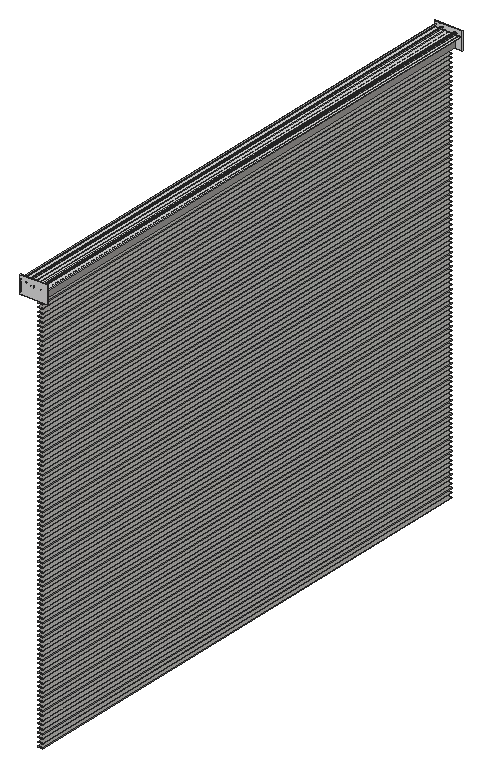
Revit family "BTBC13Lカーテン・ブラインド（別途）", category 一般モデル, Revit 2022
Family settings
  鉄筋をホスト可能 = いいえ
  丸型コネクタ寸法 = 直径を使用
  パーツ タイプ = 標準
  作業面ベース = はい
  常に垂直 = はい
  ロード時にボイドで切り取り = いいえ
  注釈の向きを維持 = いいえ
  共有 = いいえ
  部屋計算ポイント = いいえ
Parameters
  説明 = "㈱ツヅキ ボックストップ"
  製造元 = "㈱ツヅキ"
  色 = アルミニウム 6063S-T5 シルバー(R) (株)ツヅキ BT
  Default Elevation = 1219.2 mm
  ベネシャンブラインド表示/非表示 = yes
  ベネシャンブラインドスラット角度 = 0.00°
  バーチカルブラインド表示/非表示 = no
  カーテン開口率 = 50
  カーテン表示/非表示 = no
  カーテン・ブラインド長さ = L寸法 - 30 mm  # 2470 mm
  ブラインド スラット角度 = 15.00°
  カーテン・ブラインド高さ = 2000 mm
  カーテン・ブラインド 色 = ファブリック
  URL = "https://tuzuki.co.jp/cad/boxtop-cad/"
  L寸法 = 2500 mm
Reference planes
  plane 1 "中心(正面/背面)": y = 0
  plane 2: z = 0
  plane 3 "中心(左/右)": x = 0
  plane 4: y = -2500
  plane 5: x = -60
  plane 6: x = 60
  plane 7: y = -2502
  plane 8: y = 2
  plane 9: y = -2450
  plane 10 "カーテン取付レベル": z = 46.784
  plane 11: z = -1953.216
  plane 12: y = -2485
Forms (mm)
  Extrusion 1, solid, material "アルミニウム 6063S-T5 シルバー(R) (株)ツヅキ BT" <- "色"
    sketch origin (0, 0, 0) x (1, 0, 0) y (0, 0, 1)
      loop
        line (-82, 0) -> (50, 0) -> (50, 84.8) -> (-82, 84.8) -> (-82, 0)
    from 0 to -2
  Extrusion 2, solid, material "アルミニウム 6063S-T5 シルバー(R) (株)ツヅキ BT" <- "色"
    sketch origin (0, -1013.199, 0) x (1, 0, 0) y (0, 0, 1)
      loop
        line (-82, 0) -> (50, 0) -> (50, 84.8) -> (-82, 84.8) -> (-82, 0)
    from 1488.801 to 1486.801
  Extrusion 3, solid, material "アルミニウム 6063S-T5 シルバー(R) (株)ツヅキ BT" <- "色"
    sketch origin (0, 0, 0) x (1, 0, 0) y (0, 0, 1)
      loop
        line (48, 60) -> (48, 61.5) -> (21.803, 61.5)
        arc (21.803, 61.5) -> (21.341, 61.809) -> (21.45, 62.354) r 0.5
        line (21.45, 62.354) -> (22.743, 63.646)
        arc (22.743, 63.646) -> (22.889, 64) -> (22.743, 64.354) r 0.5
        line (22.743, 64.354) -> (20.873, 66.223)
        arc (20.873, 66.223) -> (19.813, 66.223) -> (19.813, 65.162) r 0.75
        line (19.813, 65.162) -> (20.975, 64) -> (18.5, 61.525) -> (16.025, 64) -> (17.021, 64.995)
        arc (17.021, 64.995) -> (17.096, 66.407) -> (15.7, 66.631) r 1.057
        line (15.7, 66.631) -> (15.7, 70) -> (9.7, 70) -> (9.7, 68.5) -> (14.2, 68.5) -> (14.2, 63.704) -> (15.55, 62.354)
        arc (15.55, 62.354) -> (15.659, 61.809) -> (15.197, 61.5) r 0.5
        line (15.197, 61.5) -> (-49.197, 61.5)
        arc (-49.197, 61.5) -> (-49.659, 61.809) -> (-49.55, 62.354) r 0.5
        line (-49.55, 62.354) -> (-48.2, 63.704) -> (-48.2, 68.5) -> (-43.7, 68.5) -> (-43.7, 70) -> (-49.7, 70) -> (-49.7, 66.631)
        arc (-49.7, 66.631) -> (-51.096, 66.407) -> (-51.021, 64.995) r 1.057
        line (-51.021, 64.995) -> (-50.025, 64) -> (-52.5, 61.525) -> (-54.975, 64) -> (-53.813, 65.162)
        arc (-53.813, 65.162) -> (-53.813, 66.223) -> (-54.873, 66.223) r 0.75
        line (-54.873, 66.223) -> (-56.743, 64.354)
        arc (-56.743, 64.354) -> (-56.889, 64) -> (-56.743, 63.646) r 0.5
        line (-56.743, 63.646) -> (-55.45, 62.354)
        arc (-55.45, 62.354) -> (-55.341, 61.809) -> (-55.803, 61.5) r 0.5
        line (-55.803, 61.5) -> (-80.5, 61.5) -> (-80.5, 68.5) -> (-79, 68.5) -> (-79, 70) -> (-82, 70) -> (-82, 0.5)
        arc (-82, 0.5) -> (-81.854, 0.146) -> (-81.5, 0) r 0.5
        line (-81.5, 0) -> (-75.5, 0)
        arc (-75.5, 0) -> (-75.146, 0.146) -> (-75, 0.5) r 0.5
        line (-75, 0.5) -> (-75, 6.5) -> (-76.268, 7) -> (-77.125, 5.516)
        arc (-77.125, 5.516) -> (-78, 2.25) -> (-78.875, 5.516) r 1.75
        line (-78.875, 5.516) -> (-80.5, 8.33) -> (-80.5, 60) -> (-34.5, 60) -> (-34.5, 50) -> (-28.5, 50) -> (-28.5, 51.3) -> (-33, 51.3) -> (-33, 60) -> (-17, 60) -> (-17, 51.3) -> (-21.5, 51.3) -> (-21.5, 50) -> (-8.5, 50) -> (-8.5, 51.3) -> (-15.5, 51.3) -> (-15.5, 60) -> (15.5, 60) -> (15.5, 51.3) -> (8.5, 51.3) -> (8.5, 50) -> (21.5, 50) -> (21.5, 51.3) -> (17, 51.3) -> (17, 60) -> (33, 60) -> (33, 51.3) -> (28.5, 51.3) -> (28.5, 50) -> (34.5, 50) -> (34.5, 60) -> (48, 60)
    from 0 to 2500
Dimensions and locks
  equal spacing: plane 6, plane 3 "中心(左/右)", plane 5
  plane 6 to plane 5 = 120 mm
  "L寸法": plane 4 to plane 1 "中心(正面/背面)"  (x2)
  locked: plane 4 to plane 7 at 2
  locked: plane 1 "中心(正面/背面)" to plane 8 at 2
  locked: plane 4 to plane 9 at 50
  "カーテン・ブラインド高さ": plane 10 "カーテン取付レベル" to plane 11
  locked: plane 4 to plane 12 at 15
  aligned and locked: level to plane 2
  aligned and locked: Extrusion 2 to plane 4
  aligned and locked: plane 1 "中心(正面/背面)" to Extrusion 1
  aligned and locked: plane 8 to Extrusion 1
  aligned and locked: plane 7 to Extrusion 2
  aligned and locked: nested 1 to plane 3 "中心(左/右)"
  aligned and locked: plane 10 "カーテン取付レベル" to nested 1
  aligned and locked: nested 1 to plane 9
  aligned and locked: plane 12 to nested 2
  aligned and locked: plane 10 "カーテン取付レベル" to nested 2
  aligned and locked: plane 11 to nested 2
  aligned and locked: nested 2 to plane 3 "中心(左/右)"
  aligned and locked: plane 10 "カーテン取付レベル" to nested 3
  aligned and locked: nested 3 to plane 12
  aligned and locked: Extrusion 3 to plane 1 "中心(正面/背面)"
  aligned and locked: plane 4 to Extrusion 3
Automatic sketch dimensions
  Extrusion 1 sketch curve to level = 0 mm
  Extrusion 1 sketch curve to plane 5 = 22 mm
  Extrusion 1 sketch curve to plane 6 = 10 mm
  level to Extrusion 1 sketch curve = 84.8 mm
  Extrusion 2 sketch curve to level = 0 mm
  Extrusion 2 sketch curve to plane 5 = 22 mm
  Extrusion 2 sketch curve to plane 6 = 10 mm
  level to Extrusion 2 sketch curve = 84.8 mm
  Extrusion 3 sketch curve to level = 0 mm
  Extrusion 3 sketch curve to plane 5 = 22 mm
  level to Extrusion 3 sketch curve = 0.5 mm  (x2)
  level to Extrusion 3 sketch curve = 8.33 mm
  Extrusion 3 sketch curve to Extrusion 3 sketch curve = 1 mm
  Extrusion 3 sketch curve to Extrusion 3 sketch curve = 0 mm  (x8)
  Extrusion 3 sketch curve to Extrusion 3 sketch curve = 1.5 mm  (x12)
  level to Extrusion 3 sketch curve = 5.516 mm  (x2)
  Extrusion 3 sketch curve to Extrusion 3 sketch curve = 1.625 mm
  Extrusion 3 sketch curve to Extrusion 3 sketch curve = 0.875 mm
  level to Extrusion 3 sketch curve = 7 mm
  Extrusion 3 sketch curve to Extrusion 3 sketch curve = 0.857 mm
  Extrusion 3 sketch curve to Extrusion 3 sketch curve = 2.5 mm
  plane 5 to Extrusion 3 sketch curve = 3.257 mm
  Extrusion 3 sketch curve to Extrusion 3 sketch curve = 0.354 mm  (x9)
  Extrusion 3 sketch curve to Extrusion 3 sketch curve = 0.939 mm
  Extrusion 3 sketch curve to Extrusion 3 sketch curve = 1.414 mm  (x2)
  Extrusion 3 sketch curve to Extrusion 3 sketch curve = 0.101 mm
  Extrusion 3 sketch curve to Extrusion 3 sketch curve = 0.53 mm  (x6)
  Extrusion 3 sketch curve to Extrusion 3 sketch curve = 2.95 mm
  Extrusion 3 sketch curve to Extrusion 3 sketch curve = 2.792 mm  (x2)
  Extrusion 3 sketch curve to Extrusion 3 sketch curve = 0.747 mm  (x4)
  Extrusion 3 sketch curve to Extrusion 3 sketch curve = 0.995 mm
  Extrusion 3 sketch curve to Extrusion 3 sketch curve = 0.573 mm  (x2)
  Extrusion 3 sketch curve to Extrusion 3 sketch curve = 0.475 mm  (x3)
  Extrusion 3 sketch curve to Extrusion 3 sketch curve = 4.5 mm  (x6)
  plane 10 "カーテン取付レベル" to Extrusion 3 sketch curve = 3.216 mm  (x4)
  Extrusion 3 sketch curve to Extrusion 3 sketch curve = 14.697 mm
  Extrusion 3 sketch curve to Extrusion 3 sketch curve = 7 mm  (x5)
  plane 3 "中心(左/右)" to Extrusion 3 sketch curve = 8.5 mm
  plane 3 "中心(左/右)" to Extrusion 3 sketch curve = 9.7 mm
  Extrusion 3 sketch curve to Extrusion 3 sketch curve = 0.997 mm
  Extrusion 3 sketch curve to Extrusion 3 sketch curve = 1.162 mm
  plane 10 "カーテン取付レベル" to Extrusion 3 sketch curve = 16.863 mm
  Extrusion 3 sketch curve to plane 6 = 12 mm
  Extrusion 3 sketch curve to Extrusion 3 sketch curve = 1.516 mm
  Extrusion 3 sketch curve to Extrusion 3 sketch curve = 0.5 mm  (x5)
  Extrusion 3 sketch curve to Extrusion 3 sketch curve = 1.3 mm  (x4)
  plane 10 "カーテン取付レベル" to Extrusion 3 sketch curve = 13.216 mm
  Extrusion 3 sketch curve to Extrusion 3 sketch curve = 3.646 mm
  plane 10 "カーテン取付レベル" to Extrusion 3 sketch curve = 14.716 mm
  Extrusion 3 sketch curve to Extrusion 3 sketch curve = 0.025 mm
  Extrusion 3 sketch curve to Extrusion 3 sketch curve = 1.525 mm
  Extrusion 3 sketch curve to Extrusion 3 sketch curve = 1.293 mm
  Extrusion 3 sketch curve to Extrusion 3 sketch curve = 1.35 mm  (x2)
  Extrusion 3 sketch curve to Extrusion 3 sketch curve = 1.646 mm  (x2)
  Extrusion 3 sketch curve to Extrusion 3 sketch curve = 1.869 mm
  Extrusion 3 sketch curve to Extrusion 3 sketch curve = 4.796 mm
Nested families
  nested 1: "バーチカルブラインド（別途）" at (0, -2450, 46.784) x (-1, 0, 0) z (0, 0, -1), type "バーチカルブラインド（別途）"
    with 表示・非表示 no, ブラインド長さ 2470 mm, スラット枚数 25
  nested 2: "カーテン（別途）" at (0, -2485, 46.784) x (0, 1, 0) z (0, 0, 1), type "カーテン（別途）"
    with 開口率 調整 50, 開口率 50, 長さ 2470 mm, カーテン表示 no, カーテン畳み代 1235 mm, カーテン幅 100 mm
  nested 3: "ベネシャンブラインド（別途）" at (0, -15, 46.784) x (-1, 0, 0) z (0, 0, 1), visible <- "ベネシャンブラインド表示/非表示", type "ベネシャンブラインド（別途）"
    with ブラインド長さ 2470 mm, スラット角度 0.00°
Definition of nested family "ベネシャンブラインド（別途）"
  Parameters (values of type "ベネシャンブラインド（別途）")
    スラットピッチ = 20 mm
    表示非表示 = yes
    ブラインド高さ = 2000 mm
    ブラインド長さ = 1200 mm
    スラット角度 = 60.00°
    Default Elevation = 0 mm
    スラット色 = none
    スラット枚数 = (ブラインド高さ - 50 mm) / スラットピッチ  # 98
  Reference planes
    plane 1 "中心(正面/背面)": y = 0
    plane 2: z = 0
    plane 3 "中心(左/右)": x = 0
    plane 4: y = 1200
    plane 5: z = -44.577
    plane 6: z = -64.577
    plane 7: z = -84.577
    plane 8: z = -104.577
    plane 9: z = -124.577
    plane 10: z = -144.577
    plane 11: z = -164.577
    plane 12: z = -184.577
    plane 13: z = -204.577
    plane 14: z = -224.577
    plane 15: z = -244.577
    plane 16: z = -264.577
    plane 17: z = -284.577
    plane 18: z = -304.577
    plane 19: z = -324.577
    plane 20: z = -344.577
    plane 21: z = -364.577
    plane 22: z = -384.577
    plane 23: z = -404.577
    plane 24: z = -424.577
    plane 25: z = -444.577
    plane 26: z = -464.577
    plane 27: z = -484.577
    plane 28: z = -504.577
    plane 29: z = -524.577
    plane 30: z = -544.577
    plane 31: z = -564.577
    plane 32: z = -584.577
    plane 33: z = -604.577
    plane 34: z = -624.577
    plane 35: z = -644.577
    plane 36: z = -664.577
    plane 37: z = -684.577
    plane 38: z = -704.577
    plane 39: z = -724.577
    plane 40: z = -744.577
    plane 41: z = -764.577
    plane 42: z = -784.577
    plane 43: z = -804.577
    plane 44: z = -824.577
    plane 45: z = -844.577
    plane 46: z = -864.577
    plane 47: z = -884.577
    plane 48: z = -904.577
    plane 49: z = -924.577
    plane 50: z = -944.577
    plane 51: z = -964.577
    plane 52: z = -984.577
    plane 53: z = -1004.577
    plane 54: z = -1024.577
    plane 55: z = -1044.577
    plane 56: z = -1064.577
    plane 57: z = -1084.577
    plane 58: z = -1104.577
    plane 59: z = -1124.577
    plane 60: z = -1144.577
    plane 61: z = -1164.577
    plane 62: z = -1184.577
    plane 63: z = -1204.577
    plane 64: z = -1224.577
    plane 65: z = -1244.577
    plane 66: z = -1264.577
    plane 67: z = -1284.577
    plane 68: z = -1304.577
    plane 69: z = -1324.577
    plane 70: z = -1344.577
    plane 71: z = -1364.577
    plane 72: z = -1384.577
    plane 73: z = -1404.577
    plane 74: z = -1424.577
    plane 75: z = -1444.577
    plane 76: z = -1464.577
    plane 77: z = -1484.577
    plane 78: z = -1504.577
    plane 79: z = -1524.577
    plane 80: z = -1544.577
    plane 81: z = -1564.577
    plane 82: z = -1584.577
    plane 83: z = -1604.577
    plane 84: z = -1624.577
    plane 85: z = -1644.577
    plane 86: z = -1664.577
    plane 87: z = -1684.577
    plane 88: z = -1704.577
    plane 89: z = -1724.577
    plane 90: z = -1744.577
    plane 91: z = -1764.577
    plane 92: z = -1784.577
    plane 93: z = -1804.577
    plane 94: z = -1824.577
    plane 95: z = -1844.577
    plane 96: z = -1864.577
    plane 97: z = -1884.577
    plane 98: z = -1904.577
    plane 99: z = -1924.577
    plane 100: z = -1944.577
    plane 101: z = -1964.577
    plane 102: z = -1984.577
  Forms (mm)
    Extrusion 1, solid, material <- "スラット色", visible <- "表示非表示"
      sketch origin (0, 0, 0) x (1, 0, 0) y (0, 0, 1)
        loop
          line (-27, 0) -> (-27, -37) -> (27, -37) -> (27, 0) -> (-27, 0)
      from -1200 to 0
  Dimensions and locks
    equal spacing: group 1, group 2, group 3, group 4, group 5, group 6, group 7, group 8, group 9, group 10, group 11, group 12, group 13, group 14, group 15, group 16, group 17, group 18, group 19, group 20, group 21, group 22, group 23, group 24, group 25, group 26, group 27, group 28, group 29, group 30, group 31, group 32, group 33, group 34, group 35, group 36, group 37, group 38, group 39, group 40, group 41, group 42, group 43, group 44, group 45, group 46, group 47, group 48, group 49, group 50, group 51, group 52, group 53, group 54, group 55, group 56, group 57, group 58, group 59, group 60, group 61, group 62, group 63, group 64, group 65, group 66, group 67, group 68, group 69, group 70, group 71, group 72, group 73, group 74, group 75, group 76, group 77, group 78, group 79, group 80, group 81, group 82, group 83, group 84, group 85, group 86, group 87, group 88, group 89, group 90, group 91, group 92, group 93, group 94, group 95, group 96, group 97, group 98  (x2)
    equal spacing: group 98, group 97, group 96, group 95, group 94, group 93, group 92, group 91, group 90, group 89, group 88, group 87, group 86, group 85, group 84, group 83, group 82, group 81, group 80, group 79, group 78, group 77, group 76, group 75, group 74, group 73, group 72, group 71, group 70, group 69, group 68, group 67, group 66, group 65, group 64, group 63, group 62, group 61, group 60, group 59, group 58, group 57, group 56, group 55, group 54, group 53, group 52, group 51, group 50, group 49, group 48, group 47, group 46, group 45, group 44, group 43, group 42, group 41, group 40, group 39, group 38, group 37, group 36, group 35, group 34, group 33, group 32, group 31, group 30, group 29, group 28, group 27, group 26, group 25, group 24, group 23, group 22, group 21, group 20, group 19, group 18, group 17, group 16, group 15, group 14, group 13, group 12, group 11, group 10, group 9, group 8, group 7, group 6, group 5, group 4, group 3, group 2, group 1
    "ブラインド長さ": plane 1 "中心(正面/背面)" to plane 4
    "スラットピッチ": plane 5 to plane 6
    aligned and locked: level to plane 2
    aligned and locked: nested 1 to plane 4
    aligned and locked: nested 1 to Extrusion 1
    aligned and locked: plane 1 "中心(正面/背面)" to Extrusion 1
    aligned and locked: Extrusion 1 to plane 1 "中心(正面/背面)"
    aligned and locked: Extrusion 1 to plane 4
    aligned and locked: nested 1 to plane 5
    aligned and locked: nested 2 to plane 6
    aligned and locked: nested 3 to plane 7
    aligned and locked: nested 4 to plane 8
    aligned and locked: nested 5 to plane 9
    aligned and locked: nested 6 to plane 10
    aligned and locked: nested 7 to plane 11
    aligned and locked: nested 8 to plane 12
    aligned and locked: nested 9 to plane 13
    aligned and locked: nested 10 to plane 14
    aligned and locked: nested 11 to plane 15
    aligned and locked: nested 12 to plane 16
    aligned and locked: nested 13 to plane 17
    aligned and locked: nested 14 to plane 18
    aligned and locked: nested 15 to plane 19
    aligned and locked: nested 16 to plane 20
    aligned and locked: nested 17 to plane 21
    aligned and locked: nested 18 to plane 22
    aligned and locked: nested 19 to plane 23
    aligned and locked: nested 20 to plane 24
    aligned and locked: nested 21 to plane 25
    aligned and locked: nested 22 to plane 26
    aligned and locked: nested 23 to plane 27
    aligned and locked: nested 24 to plane 28
    aligned and locked: nested 25 to plane 29
    aligned and locked: nested 26 to plane 30
    aligned and locked: nested 27 to plane 31
    aligned and locked: nested 28 to plane 32
    aligned and locked: nested 29 to plane 33
    aligned and locked: nested 30 to plane 34
    aligned and locked: nested 31 to plane 35
    aligned and locked: nested 32 to plane 36
    aligned and locked: nested 33 to plane 37
    aligned and locked: nested 34 to plane 38
    aligned and locked: nested 35 to plane 39
    aligned and locked: nested 36 to plane 40
    aligned and locked: nested 37 to plane 41
    aligned and locked: nested 38 to plane 42
    aligned and locked: nested 39 to plane 43
    aligned and locked: nested 40 to plane 44
    aligned and locked: nested 41 to plane 45
    aligned and locked: nested 42 to plane 46
    aligned and locked: nested 43 to plane 47
    aligned and locked: nested 44 to plane 48
    aligned and locked: nested 45 to plane 49
    aligned and locked: nested 46 to plane 50
    aligned and locked: nested 47 to plane 51
    aligned and locked: nested 48 to plane 52
    aligned and locked: nested 49 to plane 53
    aligned and locked: nested 50 to plane 54
    aligned and locked: nested 51 to plane 55
    aligned and locked: nested 52 to plane 56
    aligned and locked: nested 53 to plane 57
    aligned and locked: nested 54 to plane 58
    aligned and locked: nested 55 to plane 59
    aligned and locked: nested 56 to plane 60
    aligned and locked: nested 57 to plane 61
    aligned and locked: nested 58 to plane 62
    aligned and locked: nested 59 to plane 63
    aligned and locked: nested 60 to plane 64
    aligned and locked: nested 61 to plane 65
    aligned and locked: nested 62 to plane 66
    aligned and locked: nested 63 to plane 67
    aligned and locked: nested 64 to plane 68
    aligned and locked: nested 65 to plane 69
    aligned and locked: nested 66 to plane 70
    aligned and locked: nested 67 to plane 71
    aligned and locked: nested 68 to plane 72
    aligned and locked: nested 69 to plane 73
    aligned and locked: nested 70 to plane 74
    aligned and locked: nested 71 to plane 75
    aligned and locked: nested 72 to plane 76
    aligned and locked: nested 73 to plane 77
    aligned and locked: nested 74 to plane 78
    aligned and locked: nested 75 to plane 79
    aligned and locked: nested 76 to plane 80
    aligned and locked: nested 77 to plane 81
    aligned and locked: nested 78 to plane 82
    aligned and locked: nested 79 to plane 83
    aligned and locked: nested 80 to plane 84
    aligned and locked: nested 81 to plane 85
    aligned and locked: nested 82 to plane 86
    aligned and locked: nested 83 to plane 87
    aligned and locked: nested 84 to plane 88
    aligned and locked: nested 85 to plane 89
    aligned and locked: nested 86 to plane 90
    aligned and locked: nested 87 to plane 91
    aligned and locked: nested 88 to plane 92
    aligned and locked: nested 89 to plane 93
    aligned and locked: nested 90 to plane 94
    aligned and locked: nested 91 to plane 95
    aligned and locked: nested 92 to plane 96
    aligned and locked: nested 93 to plane 97
    aligned and locked: nested 94 to plane 98
    aligned and locked: nested 95 to plane 99
    aligned and locked: nested 96 to plane 100
    aligned and locked: nested 97 to plane 101
    aligned and locked: nested 98 to plane 102
  Automatic sketch dimensions
    Extrusion 1 sketch curve to level = 0 mm
    Extrusion 1 sketch curve to plane 3 "中心(左/右)" = 27 mm
    plane 3 "中心(左/右)" to Extrusion 1 sketch curve = 27 mm
    Extrusion 1 sketch curve to level = 37 mm
  Nested families
    nested 1: "スラットB" at (0, 0, -55.414), visible <- "表示非表示", type "スラットB"
      with 角度 60.00°, スラット長さ 1200 mm
    nested 2: "スラットB" at (0, 0, -75.414), visible <- "表示非表示", type "スラットB"
      with 角度 60.00°, スラット長さ 1200 mm
    nested 3: "スラットB" at (0, 0, -95.414), visible <- "表示非表示", type "スラットB"
      with 角度 60.00°, スラット長さ 1200 mm
    nested 4: "スラットB" at (0, 0, -115.414), visible <- "表示非表示", type "スラットB"
      with 角度 60.00°, スラット長さ 1200 mm
    nested 5: "スラットB" at (0, 0, -135.414), visible <- "表示非表示", type "スラットB"
      with 角度 60.00°, スラット長さ 1200 mm
    nested 6: "スラットB" at (0, 0, -155.414), visible <- "表示非表示", type "スラットB"
      with 角度 60.00°, スラット長さ 1200 mm
    nested 7: "スラットB" at (0, 0, -175.414), visible <- "表示非表示", type "スラットB"
      with 角度 60.00°, スラット長さ 1200 mm
    nested 8: "スラットB" at (0, 0, -195.414), visible <- "表示非表示", type "スラットB"
      with 角度 60.00°, スラット長さ 1200 mm
    nested 9: "スラットB" at (0, 0, -215.414), visible <- "表示非表示", type "スラットB"
      with 角度 60.00°, スラット長さ 1200 mm
    nested 10: "スラットB" at (0, 0, -235.414), visible <- "表示非表示", type "スラットB"
      with 角度 60.00°, スラット長さ 1200 mm
    nested 11: "スラットB" at (0, 0, -255.414), visible <- "表示非表示", type "スラットB"
      with 角度 60.00°, スラット長さ 1200 mm
    nested 12: "スラットB" at (0, 0, -275.414), visible <- "表示非表示", type "スラットB"
      with 角度 60.00°, スラット長さ 1200 mm
    nested 13: "スラットB" at (0, 0, -295.414), visible <- "表示非表示", type "スラットB"
      with 角度 60.00°, スラット長さ 1200 mm
    nested 14: "スラットB" at (0, 0, -315.414), visible <- "表示非表示", type "スラットB"
      with 角度 60.00°, スラット長さ 1200 mm
    nested 15: "スラットB" at (0, 0, -335.414), visible <- "表示非表示", type "スラットB"
      with 角度 60.00°, スラット長さ 1200 mm
    nested 16: "スラットB" at (0, 0, -355.414), visible <- "表示非表示", type "スラットB"
      with 角度 60.00°, スラット長さ 1200 mm
    nested 17: "スラットB" at (0, 0, -375.414), visible <- "表示非表示", type "スラットB"
      with 角度 60.00°, スラット長さ 1200 mm
    nested 18: "スラットB" at (0, 0, -395.414), visible <- "表示非表示", type "スラットB"
      with 角度 60.00°, スラット長さ 1200 mm
    nested 19: "スラットB" at (0, 0, -415.414), visible <- "表示非表示", type "スラットB"
      with 角度 60.00°, スラット長さ 1200 mm
    nested 20: "スラットB" at (0, 0, -435.414), visible <- "表示非表示", type "スラットB"
      with 角度 60.00°, スラット長さ 1200 mm
    nested 21: "スラットB" at (0, 0, -455.414), visible <- "表示非表示", type "スラットB"
      with 角度 60.00°, スラット長さ 1200 mm
    nested 22: "スラットB" at (0, 0, -475.414), visible <- "表示非表示", type "スラットB"
      with 角度 60.00°, スラット長さ 1200 mm
    nested 23: "スラットB" at (0, 0, -495.414), visible <- "表示非表示", type "スラットB"
      with 角度 60.00°, スラット長さ 1200 mm
    nested 24: "スラットB" at (0, 0, -515.414), visible <- "表示非表示", type "スラットB"
      with 角度 60.00°, スラット長さ 1200 mm
    nested 25: "スラットB" at (0, 0, -535.414), visible <- "表示非表示", type "スラットB"
      with 角度 60.00°, スラット長さ 1200 mm
    nested 26: "スラットB" at (0, 0, -555.414), visible <- "表示非表示", type "スラットB"
      with 角度 60.00°, スラット長さ 1200 mm
    nested 27: "スラットB" at (0, 0, -575.414), visible <- "表示非表示", type "スラットB"
      with 角度 60.00°, スラット長さ 1200 mm
    nested 28: "スラットB" at (0, 0, -595.414), visible <- "表示非表示", type "スラットB"
      with 角度 60.00°, スラット長さ 1200 mm
    nested 29: "スラットB" at (0, 0, -615.414), visible <- "表示非表示", type "スラットB"
      with 角度 60.00°, スラット長さ 1200 mm
    nested 30: "スラットB" at (0, 0, -635.414), visible <- "表示非表示", type "スラットB"
      with 角度 60.00°, スラット長さ 1200 mm
    nested 31: "スラットB" at (0, 0, -655.414), visible <- "表示非表示", type "スラットB"
      with 角度 60.00°, スラット長さ 1200 mm
    nested 32: "スラットB" at (0, 0, -675.414), visible <- "表示非表示", type "スラットB"
      with 角度 60.00°, スラット長さ 1200 mm
    nested 33: "スラットB" at (0, 0, -695.414), visible <- "表示非表示", type "スラットB"
      with 角度 60.00°, スラット長さ 1200 mm
    nested 34: "スラットB" at (0, 0, -715.414), visible <- "表示非表示", type "スラットB"
      with 角度 60.00°, スラット長さ 1200 mm
    nested 35: "スラットB" at (0, 0, -735.414), visible <- "表示非表示", type "スラットB"
      with 角度 60.00°, スラット長さ 1200 mm
    nested 36: "スラットB" at (0, 0, -755.414), visible <- "表示非表示", type "スラットB"
      with 角度 60.00°, スラット長さ 1200 mm
    nested 37: "スラットB" at (0, 0, -775.414), visible <- "表示非表示", type "スラットB"
      with 角度 60.00°, スラット長さ 1200 mm
    nested 38: "スラットB" at (0, 0, -795.414), visible <- "表示非表示", type "スラットB"
      with 角度 60.00°, スラット長さ 1200 mm
    nested 39: "スラットB" at (0, 0, -815.414), visible <- "表示非表示", type "スラットB"
      with 角度 60.00°, スラット長さ 1200 mm
    nested 40: "スラットB" at (0, 0, -835.414), visible <- "表示非表示", type "スラットB"
      with 角度 60.00°, スラット長さ 1200 mm
    nested 41: "スラットB" at (0, 0, -855.414), visible <- "表示非表示", type "スラットB"
      with 角度 60.00°, スラット長さ 1200 mm
    nested 42: "スラットB" at (0, 0, -875.414), visible <- "表示非表示", type "スラットB"
      with 角度 60.00°, スラット長さ 1200 mm
    nested 43: "スラットB" at (0, 0, -895.414), visible <- "表示非表示", type "スラットB"
      with 角度 60.00°, スラット長さ 1200 mm
    nested 44: "スラットB" at (0, 0, -915.414), visible <- "表示非表示", type "スラットB"
      with 角度 60.00°, スラット長さ 1200 mm
    nested 45: "スラットB" at (0, 0, -935.414), visible <- "表示非表示", type "スラットB"
      with 角度 60.00°, スラット長さ 1200 mm
    nested 46: "スラットB" at (0, 0, -955.414), visible <- "表示非表示", type "スラットB"
      with 角度 60.00°, スラット長さ 1200 mm
    nested 47: "スラットB" at (0, 0, -975.414), visible <- "表示非表示", type "スラットB"
      with 角度 60.00°, スラット長さ 1200 mm
    nested 48: "スラットB" at (0, 0, -995.414), visible <- "表示非表示", type "スラットB"
      with 角度 60.00°, スラット長さ 1200 mm
    nested 49: "スラットB" at (0, 0, -1015.414), visible <- "表示非表示", type "スラットB"
      with 角度 60.00°, スラット長さ 1200 mm
    nested 50: "スラットB" at (0, 0, -1035.414), visible <- "表示非表示", type "スラットB"
      with 角度 60.00°, スラット長さ 1200 mm
    nested 51: "スラットB" at (0, 0, -1055.414), visible <- "表示非表示", type "スラットB"
      with 角度 60.00°, スラット長さ 1200 mm
    nested 52: "スラットB" at (0, 0, -1075.414), visible <- "表示非表示", type "スラットB"
      with 角度 60.00°, スラット長さ 1200 mm
    nested 53: "スラットB" at (0, 0, -1095.414), visible <- "表示非表示", type "スラットB"
      with 角度 60.00°, スラット長さ 1200 mm
    nested 54: "スラットB" at (0, 0, -1115.414), visible <- "表示非表示", type "スラットB"
      with 角度 60.00°, スラット長さ 1200 mm
    nested 55: "スラットB" at (0, 0, -1135.414), visible <- "表示非表示", type "スラットB"
      with 角度 60.00°, スラット長さ 1200 mm
    nested 56: "スラットB" at (0, 0, -1155.414), visible <- "表示非表示", type "スラットB"
      with 角度 60.00°, スラット長さ 1200 mm
    nested 57: "スラットB" at (0, 0, -1175.414), visible <- "表示非表示", type "スラットB"
      with 角度 60.00°, スラット長さ 1200 mm
    nested 58: "スラットB" at (0, 0, -1195.414), visible <- "表示非表示", type "スラットB"
      with 角度 60.00°, スラット長さ 1200 mm
    nested 59: "スラットB" at (0, 0, -1215.414), visible <- "表示非表示", type "スラットB"
      with 角度 60.00°, スラット長さ 1200 mm
    nested 60: "スラットB" at (0, 0, -1235.414), visible <- "表示非表示", type "スラットB"
      with 角度 60.00°, スラット長さ 1200 mm
    nested 61: "スラットB" at (0, 0, -1255.414), visible <- "表示非表示", type "スラットB"
      with 角度 60.00°, スラット長さ 1200 mm
    nested 62: "スラットB" at (0, 0, -1275.414), visible <- "表示非表示", type "スラットB"
      with 角度 60.00°, スラット長さ 1200 mm
    nested 63: "スラットB" at (0, 0, -1295.414), visible <- "表示非表示", type "スラットB"
      with 角度 60.00°, スラット長さ 1200 mm
    nested 64: "スラットB" at (0, 0, -1315.414), visible <- "表示非表示", type "スラットB"
      with 角度 60.00°, スラット長さ 1200 mm
    nested 65: "スラットB" at (0, 0, -1335.414), visible <- "表示非表示", type "スラットB"
      with 角度 60.00°, スラット長さ 1200 mm
    nested 66: "スラットB" at (0, 0, -1355.414), visible <- "表示非表示", type "スラットB"
      with 角度 60.00°, スラット長さ 1200 mm
    nested 67: "スラットB" at (0, 0, -1375.414), visible <- "表示非表示", type "スラットB"
      with 角度 60.00°, スラット長さ 1200 mm
    nested 68: "スラットB" at (0, 0, -1395.414), visible <- "表示非表示", type "スラットB"
      with 角度 60.00°, スラット長さ 1200 mm
    nested 69: "スラットB" at (0, 0, -1415.414), visible <- "表示非表示", type "スラットB"
      with 角度 60.00°, スラット長さ 1200 mm
    nested 70: "スラットB" at (0, 0, -1435.414), visible <- "表示非表示", type "スラットB"
      with 角度 60.00°, スラット長さ 1200 mm
    nested 71: "スラットB" at (0, 0, -1455.414), visible <- "表示非表示", type "スラットB"
      with 角度 60.00°, スラット長さ 1200 mm
    nested 72: "スラットB" at (0, 0, -1475.414), visible <- "表示非表示", type "スラットB"
      with 角度 60.00°, スラット長さ 1200 mm
    nested 73: "スラットB" at (0, 0, -1495.414), visible <- "表示非表示", type "スラットB"
      with 角度 60.00°, スラット長さ 1200 mm
    nested 74: "スラットB" at (0, 0, -1515.414), visible <- "表示非表示", type "スラットB"
      with 角度 60.00°, スラット長さ 1200 mm
    nested 75: "スラットB" at (0, 0, -1535.414), visible <- "表示非表示", type "スラットB"
      with 角度 60.00°, スラット長さ 1200 mm
    nested 76: "スラットB" at (0, 0, -1555.414), visible <- "表示非表示", type "スラットB"
      with 角度 60.00°, スラット長さ 1200 mm
    nested 77: "スラットB" at (0, 0, -1575.414), visible <- "表示非表示", type "スラットB"
      with 角度 60.00°, スラット長さ 1200 mm
    nested 78: "スラットB" at (0, 0, -1595.414), visible <- "表示非表示", type "スラットB"
      with 角度 60.00°, スラット長さ 1200 mm
    nested 79: "スラットB" at (0, 0, -1615.414), visible <- "表示非表示", type "スラットB"
      with 角度 60.00°, スラット長さ 1200 mm
    nested 80: "スラットB" at (0, 0, -1635.414), visible <- "表示非表示", type "スラットB"
      with 角度 60.00°, スラット長さ 1200 mm
    nested 81: "スラットB" at (0, 0, -1655.414), visible <- "表示非表示", type "スラットB"
      with 角度 60.00°, スラット長さ 1200 mm
    nested 82: "スラットB" at (0, 0, -1675.414), visible <- "表示非表示", type "スラットB"
      with 角度 60.00°, スラット長さ 1200 mm
    nested 83: "スラットB" at (0, 0, -1695.414), visible <- "表示非表示", type "スラットB"
      with 角度 60.00°, スラット長さ 1200 mm
    nested 84: "スラットB" at (0, 0, -1715.414), visible <- "表示非表示", type "スラットB"
      with 角度 60.00°, スラット長さ 1200 mm
    nested 85: "スラットB" at (0, 0, -1735.414), visible <- "表示非表示", type "スラットB"
      with 角度 60.00°, スラット長さ 1200 mm
    nested 86: "スラットB" at (0, 0, -1755.414), visible <- "表示非表示", type "スラットB"
      with 角度 60.00°, スラット長さ 1200 mm
    nested 87: "スラットB" at (0, 0, -1775.414), visible <- "表示非表示", type "スラットB"
      with 角度 60.00°, スラット長さ 1200 mm
    nested 88: "スラットB" at (0, 0, -1795.414), visible <- "表示非表示", type "スラットB"
      with 角度 60.00°, スラット長さ 1200 mm
    nested 89: "スラットB" at (0, 0, -1815.414), visible <- "表示非表示", type "スラットB"
      with 角度 60.00°, スラット長さ 1200 mm
    nested 90: "スラットB" at (0, 0, -1835.414), visible <- "表示非表示", type "スラットB"
      with 角度 60.00°, スラット長さ 1200 mm
    nested 91: "スラットB" at (0, 0, -1855.414), visible <- "表示非表示", type "スラットB"
      with 角度 60.00°, スラット長さ 1200 mm
    nested 92: "スラットB" at (0, 0, -1875.414), visible <- "表示非表示", type "スラットB"
      with 角度 60.00°, スラット長さ 1200 mm
    nested 93: "スラットB" at (0, 0, -1895.414), visible <- "表示非表示", type "スラットB"
      with 角度 60.00°, スラット長さ 1200 mm
    nested 94: "スラットB" at (0, 0, -1915.414), visible <- "表示非表示", type "スラットB"
      with 角度 60.00°, スラット長さ 1200 mm
    nested 95: "スラットB" at (0, 0, -1935.414), visible <- "表示非表示", type "スラットB"
      with 角度 60.00°, スラット長さ 1200 mm
    nested 96: "スラットB" at (0, 0, -1955.414), visible <- "表示非表示", type "スラットB"
      with 角度 60.00°, スラット長さ 1200 mm
    nested 97: "スラットB" at (0, 0, -1975.414), visible <- "表示非表示", type "スラットB"
      with 角度 60.00°, スラット長さ 1200 mm
    nested 98: "スラットB" at (0, 0, -1995.414), visible <- "表示非表示", type "スラットB"
      with 角度 60.00°, スラット長さ 1200 mm
  Definition of nested family "スラットB"
    Parameters (values of type "スラットB")
      角度 = 30.00°
      Default Elevation = 0 mm
      スラット長さ = 1100 mm
      スラット色 = none
    Reference planes
      plane 1 "中心(正面/背面)": y = 0
      plane 2: z = 0
      plane 3 "中心(左/右)": x = 0
      plane 4: y = 1100
    Forms (mm)
      Extrusion 1, solid, material <- "スラット色"
        sketch origin (0, 0, 0) x (0.866025, 0, 0.5) y (-0.5, 0, 0.866025)
          loop
            arc (-12.244, -0.735) -> (0, 1.28) -> (12.244, -0.735) r 38.2
            line (12.244, -0.735) -> (12.5, 0.023)
            arc (12.5, 0.023) -> (0, 2.08) -> (-12.5, 0.023) r 39
            line (-12.5, 0.023) -> (-12.244, -0.735)
        from 0 to -1100
    Lines and regions (mm)
      reference lines
        curve 1: line (0, 0, 0) -> (84.675, 0, 48.887)
    Dimensions and locks
      "スラット長さ": plane 1 "中心(正面/背面)" to plane 4
      "角度": angle plane 2 to curve 1
      aligned and locked: level to plane 2
      aligned and locked: plane 3 "中心(左/右)" to curve 1
      aligned and locked: Extrusion 1 to plane 4
    Automatic sketch dimensions
      Extrusion 1 sketch curve to Extrusion 1 sketch curve = 0 mm  (x4)
      Extrusion 1 sketch curve to Extrusion 1 sketch curve = 0.256 mm  (x2)
      curve 1 to level = 0 mm
      Extrusion 1 sketch curve to Extrusion 1 sketch curve = 12.244 mm
      Extrusion 1 sketch curve to Extrusion 1 sketch curve = 24.487 mm
      Extrusion 1 sketch curve to Extrusion 1 sketch curve = 36.185 mm
      Extrusion 1 sketch curve to Extrusion 1 sketch curve = 0.758 mm
      curve 1 to Extrusion 1 sketch curve = 0 mm
      Extrusion 1 sketch curve to curve 1 = 36.92 mm
Definition of nested family "カーテン（別途）"
  Parameters (values of type "カーテン（別途）")
    開口率 調整 = if(開口率 < 10, 10, if(開口率 > 100, 100, 開口率))  # 100
    開口率 = 100
    長さ = 4000 mm
    Default Elevation = 0 mm
    カーテン高さ = 2000 mm
    カーテン表示 = yes
    カーテン色 = none
    カーテン畳み代 = (開口率 調整 / 100) * (長さ)  # 4000 mm
    カーテン幅 = 150 mm
  Reference planes
    plane 1 "中心(正面/背面)": y = 0
    plane 2: z = 0
    plane 3 "中心(左/右)": x = 0
    plane 4: y = 70
    plane 5: y = -70
    plane 6: y = 75
    plane 7: y = -75
    plane 8: x = 200
    plane 9: x = 400
    plane 10: x = 4000
    plane 11: x = 600
    plane 12: x = 800
    plane 13: x = 1000
    plane 14: x = 1200
    plane 15: x = 1400
    plane 16: x = 1600
    plane 17: x = 1800
    plane 18: x = 2000
    plane 19: x = 2200
    plane 20: x = 2400
    plane 21: x = 2600
    plane 22: x = 2800
    plane 23: x = 3000
    plane 24: x = 3200
    plane 25: x = 3400
    plane 26: x = 3600
    plane 27: x = 3800
    plane 28: x = 4000
    plane 29: z = -2000
  Forms (mm)
    Sweep 1, solid, material <- "カーテン色", visible <- "カーテン表示"
      path origin (0, 0, 0) x (1, 0, 0) y (0, 1, 0)
        loop
          line (0, 75) -> (195.241, -71.533)
          arc (195.241, -71.533) -> (200, -75) -> (204.759, -71.533) r 5
          line (204.759, -71.533) -> (395.263, 71.6)
          arc (395.263, 71.6) -> (400, 75) -> (404.737, 71.6) r 5
          line (404.737, 71.6) -> (595.241, -71.533)
          arc (595.241, -71.533) -> (600, -75) -> (604.759, -71.533) r 5
          line (604.759, -71.533) -> (795.263, 71.6)
          arc (795.263, 71.6) -> (800, 75) -> (804.737, 71.6) r 5
          line (804.737, 71.6) -> (995.241, -71.533)
          arc (995.241, -71.533) -> (1000, -75) -> (1004.759, -71.533) r 5
          line (1004.759, -71.533) -> (1195.263, 71.6)
          arc (1195.263, 71.6) -> (1200, 75) -> (1204.737, 71.6) r 5
          line (1204.737, 71.6) -> (1395.241, -71.533)
          arc (1395.241, -71.533) -> (1400, -75) -> (1404.759, -71.533) r 5
          line (1404.759, -71.533) -> (1595.263, 71.6)
          arc (1595.263, 71.6) -> (1600, 75) -> (1604.737, 71.6) r 5
          line (1604.737, 71.6) -> (1795.241, -71.533)
          arc (1795.241, -71.533) -> (1800, -75) -> (1804.759, -71.533) r 5
          line (1804.759, -71.533) -> (1995.263, 71.6)
          arc (1995.263, 71.6) -> (2000, 75) -> (2004.737, 71.6) r 5
          line (2004.737, 71.6) -> (2195.241, -71.533)
          arc (2195.241, -71.533) -> (2200, -75) -> (2204.759, -71.533) r 5
          line (2204.759, -71.533) -> (2395.263, 71.6)
          arc (2395.263, 71.6) -> (2400, 75) -> (2404.737, 71.6) r 5
          line (2404.737, 71.6) -> (2595.241, -71.533)
          arc (2595.241, -71.533) -> (2600, -75) -> (2604.759, -71.533) r 5
          line (2604.759, -71.533) -> (2795.263, 71.6)
          arc (2795.263, 71.6) -> (2800, 75) -> (2804.737, 71.6) r 5
          line (2804.737, 71.6) -> (2995.241, -71.533)
          arc (2995.241, -71.533) -> (3000, -75) -> (3004.759, -71.533) r 5
          line (3004.759, -71.533) -> (3195.263, 71.6)
          arc (3195.263, 71.6) -> (3200, 75) -> (3204.737, 71.6) r 5
          line (3204.737, 71.6) -> (3395.241, -71.533)
          arc (3395.241, -71.533) -> (3400, -75) -> (3404.759, -71.533) r 5
          line (3404.759, -71.533) -> (3595.263, 71.6)
          arc (3595.263, 71.6) -> (3600, 75) -> (3604.737, 71.6) r 5
          line (3604.737, 71.6) -> (3795.241, -71.533)
          arc (3795.241, -71.533) -> (3800, -75) -> (3804.759, -71.533) r 5
          line (3804.759, -71.533) -> (4000, 75)
      profile origin (97.62, 1.733, 0) x (0.600269, 0.799799, 0) y (0, 0, 1)
        loop
          line (2, 0) -> (-1, 0) -> (-1, -2000) -> (2, -2000) -> (2, 0)
  Lines and regions (mm)
    reference lines
      curve 1: circle (200, -70, 0) r 5 normal (0, 0, 1)
      curve 2: circle (400, 70, 0) r 5 normal (0, 0, 1)
      curve 3: circle (600, -70, 0) r 5 normal (0, 0, 1)
      curve 4: circle (800, 70, 0) r 5 normal (0, 0, 1)
      curve 5: circle (1000, -70, 0) r 5 normal (0, 0, 1)
      curve 6: circle (1200, 70, 0) r 5 normal (0, 0, 1)
      curve 7: circle (1400, -70, 0) r 5 normal (0, 0, 1)
      curve 8: circle (1600, 70, 0) r 5 normal (0, 0, 1)
      curve 9: circle (1800, -70, 0) r 5 normal (0, 0, 1)
      curve 10: circle (2000, 70, 0) r 5 normal (0, 0, 1)
      curve 11: circle (2200, -70, 0) r 5 normal (0, 0, 1)
      curve 12: circle (2400, 70, 0) r 5 normal (0, 0, 1)
      curve 13: circle (2600, -70, 0) r 5 normal (0, 0, 1)
      curve 14: circle (2800, 70, 0) r 5 normal (0, 0, 1)
      curve 15: circle (3000, -70, 0) r 5 normal (0, 0, 1)
      curve 16: circle (3200, 70, 0) r 5 normal (0, 0, 1)
      curve 17: circle (3400, -70, 0) r 5 normal (0, 0, 1)
      curve 18: circle (3600, 70, 0) r 5 normal (0, 0, 1)
      curve 19: circle (3800, -70, 0) r 5 normal (0, 0, 1)
      curve 20: circle (4000, 70, 0) r 5 normal (0, 0, 1)
  Dimensions and locks
    equal spacing: plane 6, plane 1 "中心(正面/背面)", plane 7
    "カーテン幅": plane 6 to plane 7
    locked: plane 6 to plane 4 at 5
    locked: plane 5 to plane 7 at 5
    "長さ": plane 3 "中心(左/右)" to plane 10
    equal spacing: plane 3 "中心(左/右)", plane 8, plane 9, plane 11, plane 12, plane 13, plane 14, plane 15, plane 16, plane 17, plane 18, plane 19, plane 20, plane 21, plane 22, plane 23, plane 24, plane 25, plane 26, plane 27, plane 28
    "カーテン畳み代": plane 3 "中心(左/右)" to plane 28
    "カーテン高さ": level to plane 29
    aligned and locked: level to plane 2
    aligned and locked: plane 3 "中心(左/右)" to Sweep 1 sketch curve
    aligned and locked: plane 6 to Sweep 1 sketch curve
    aligned and locked: Sweep 1 sketch curve to plane 29
  Automatic sketch dimensions
    curve 1 to plane 5 = 0 mm
    curve 1 to plane 8 = 0 mm
    curve 2 to plane 4 = 0 mm
    curve 2 to plane 9 = 0 mm
    curve 3 to plane 5 = 0 mm
    curve 3 to plane 11 = 0 mm
    curve 4 to plane 4 = 0 mm
    curve 4 to plane 12 = 0 mm
    curve 5 to plane 5 = 0 mm
    curve 5 to plane 13 = 0 mm
    curve 6 to plane 4 = 0 mm
    curve 6 to plane 14 = 0 mm
    curve 7 to plane 5 = 0 mm
    curve 7 to plane 15 = 0 mm
    curve 8 to plane 4 = 0 mm
    curve 8 to plane 16 = 0 mm
    curve 9 to plane 5 = 0 mm
    curve 9 to plane 17 = 0 mm
    curve 10 to plane 4 = 0 mm
    curve 10 to plane 18 = 0 mm
    curve 11 to plane 5 = 0 mm
    curve 11 to plane 19 = 0 mm
    curve 12 to plane 4 = 0 mm
    curve 12 to plane 20 = 0 mm
    curve 13 to plane 5 = 0 mm
    curve 13 to plane 21 = 0 mm
    curve 14 to plane 4 = 0 mm
    curve 14 to plane 22 = 0 mm
    curve 15 to plane 5 = 0 mm
    curve 15 to plane 23 = 0 mm
    curve 16 to plane 4 = 0 mm
    curve 16 to plane 24 = 0 mm
    curve 17 to plane 5 = 0 mm
    curve 17 to plane 25 = 0 mm
    curve 18 to plane 4 = 0 mm
    curve 18 to plane 26 = 0 mm
    curve 19 to plane 5 = 0 mm
    curve 19 to plane 27 = 0 mm
    curve 20 to plane 4 = 0 mm
    curve 20 to plane 28 = 0 mm
    Sweep 1 sketch curve to plane 5 = 0 mm  (x10)
    Sweep 1 sketch curve to plane 8 = 0 mm
    Sweep 1 sketch curve to plane 4 = 0 mm  (x9)
    Sweep 1 sketch curve to plane 9 = 0 mm
    Sweep 1 sketch curve to plane 11 = 0 mm
    Sweep 1 sketch curve to plane 12 = 0 mm
    Sweep 1 sketch curve to plane 13 = 0 mm
    Sweep 1 sketch curve to plane 14 = 0 mm
    Sweep 1 sketch curve to plane 15 = 0 mm
    Sweep 1 sketch curve to plane 16 = 0 mm
    Sweep 1 sketch curve to plane 17 = 0 mm
    Sweep 1 sketch curve to plane 18 = 0 mm
    Sweep 1 sketch curve to plane 19 = 0 mm
    Sweep 1 sketch curve to plane 20 = 0 mm
    Sweep 1 sketch curve to plane 21 = 0 mm
    Sweep 1 sketch curve to plane 22 = 0 mm
    Sweep 1 sketch curve to plane 23 = 0 mm
    Sweep 1 sketch curve to plane 24 = 0 mm
    Sweep 1 sketch curve to plane 25 = 0 mm
    Sweep 1 sketch curve to plane 26 = 0 mm
    Sweep 1 sketch curve to plane 27 = 0 mm
    Sweep 1 sketch curve to plane 28 = 0 mm
    Sweep 1 sketch curve to plane 6 = 0 mm
    Sweep 1 sketch curve to plane 5 = 1.533 mm  (x20)
    Sweep 1 sketch curve to plane 8 = 4.759 mm
    plane 4 to Sweep 1 sketch curve = 1.6 mm  (x18)
    Sweep 1 sketch curve to plane 9 = 4.737 mm
    Sweep 1 sketch curve to plane 11 = 4.759 mm
    Sweep 1 sketch curve to plane 12 = 4.737 mm
    Sweep 1 sketch curve to plane 13 = 4.759 mm
    Sweep 1 sketch curve to plane 14 = 4.737 mm
    Sweep 1 sketch curve to plane 15 = 4.759 mm
    Sweep 1 sketch curve to plane 16 = 4.737 mm
    Sweep 1 sketch curve to plane 17 = 4.759 mm
    Sweep 1 sketch curve to plane 18 = 4.737 mm
    Sweep 1 sketch curve to plane 19 = 4.759 mm
    Sweep 1 sketch curve to plane 20 = 4.737 mm
    Sweep 1 sketch curve to plane 21 = 4.759 mm
    Sweep 1 sketch curve to plane 22 = 4.737 mm
    Sweep 1 sketch curve to plane 23 = 4.759 mm
    Sweep 1 sketch curve to plane 24 = 4.737 mm
    Sweep 1 sketch curve to plane 25 = 4.759 mm
    Sweep 1 sketch curve to plane 26 = 4.737 mm
    Sweep 1 sketch curve to plane 27 = 4.759 mm
    Sweep 1 sketch curve to level = 0 mm
    profile plane to Sweep 1 sketch curve = 1 mm
    Sweep 1 sketch curve to profile plane = 2 mm
    radius of curve 1 = 5 mm
    radius of curve 2 = 5 mm
    radius of curve 3 = 5 mm
    radius of curve 4 = 5 mm
    radius of curve 5 = 5 mm
    radius of curve 6 = 5 mm
    radius of curve 7 = 5 mm
    radius of curve 8 = 5 mm
    radius of curve 9 = 5 mm
    radius of curve 10 = 5 mm
    radius of curve 11 = 5 mm
    radius of curve 12 = 5 mm
    radius of curve 13 = 5 mm
    radius of curve 14 = 5 mm
    radius of curve 15 = 5 mm
    radius of curve 16 = 5 mm
    radius of curve 17 = 5 mm
    radius of curve 18 = 5 mm
    radius of curve 19 = 5 mm
    radius of curve 20 = 5 mm
